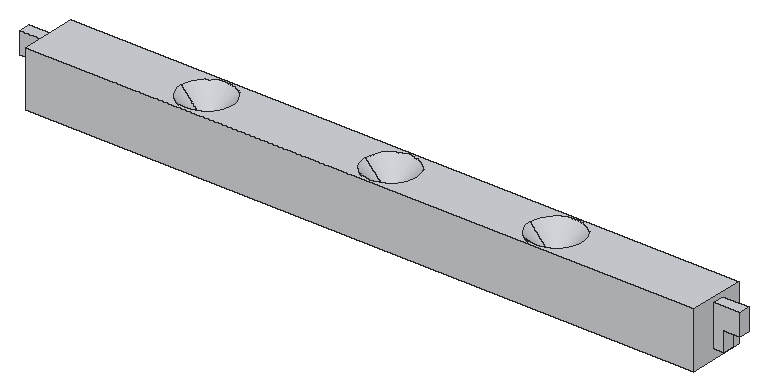
Revit family "五架梁", category 常规模型, Revit 2022
Family settings
  可将钢筋附着到主体 = 否
  圆形连接件大小 = 使用直径
  零件类型 = 标准
  基于工作平面 = 否
  总是垂直 = 是
  加载时剪切的空心 = 否
  保持注释方向 = 否
  共享 = 否
  房间计算点 = 否
Parameters
  默认高程 = 0 mm
  空心旋转高 [instance] = 127.713 mm
  空心旋转长 [instance] = 116.564 mm
  瓜柱直径 [instance] = 150 mm
  榫卯宽 [instance] = 50 mm
  五架梁高 [instance] = 250 mm
  五架梁长 [instance] = 2972 mm
Reference planes
  plane 1 "中心(前/后)": y = -2.272
  plane 2: z = 0
  plane 3 "中心(左/右)": y = 114.815
Forms (mm)
  Extrusion 1, solid
    sketch origin (-5.06, 116.876, 11.529) x (1, 0, 0) y (0, 0, 1)
      loop
        line (-1440.98, 2712.419) -> (-1553.98, 2712.419) -> (-1553.98, 2617.294) -> (-1493.98, 2617.294) -> (-1493.98, 2529.139) -> (-1440.98, 2529.139) -> (-1440.98, 2712.419)
    from 94.148 to 144.148
  Extrusion 2, solid
    sketch origin (0, 114.815, 0) x (1, 0, 0) y (0, 0, 1)
      loop
        line (-1446.041, 2743.987) -> (-1446.041, 2493.987) -> (1525.959, 2493.987) -> (1525.959, 2743.987) -> (-1446.041, 2743.987)
    from 0 to 250
  Extrusion 3, solid
    sketch origin (0, 114.815, 0) x (1, 0, 0) y (0, 0, 1)
      loop
        line (1525.804, 2724.725) -> (1525.804, 2540.841) -> (1576.417, 2540.841) -> (1576.417, 2626.396) -> (1643.338, 2626.396) -> (1643.338, 2724.725) -> (1525.804, 2724.725)
    from 92.087 to 142.087
  Revolve 4, void
    sketch origin (-3.996, -9.331, -140.718) x (1, 0, 0) y (0, 0, 1)
      loop
        line (-739.213, 2757.922) -> (-739.213, 2885.635) -> (-855.777, 2885.635) -> (-739.213, 2757.922)
      axis (-739.213, 2757.922) -> (-739.213, 2885.635)
    angle from 0 to 360
  Revolve 5, void
    sketch origin (-1.798, -9.221, 0) x (1, 0, 0) y (0, 0, 1)
      loop
        line (814.177, 2743.987) -> (814.177, 2616.274) -> (930.741, 2743.987) -> (814.177, 2743.987)
      axis (814.177, 2616.274) -> (814.177, 2743.987)
    angle from 0 to 360
  Revolve 6, void
    sketch origin (0, -10.455, 0) x (1, 0, 0) y (0, 0, 1)
      loop
        line (77.291, 2746.7) -> (77.291, 2618.987) -> (193.854, 2746.7) -> (77.291, 2746.7)
      axis (77.291, 2618.987) -> (77.291, 2746.7)
    angle from 0 to 360
Cuts and joins
  Revolve 4, Revolve 5, Revolve 6 cuts Extrusion 2
Lines and regions (mm)
  reference lines
    curve 1: line (1531.811, 114.815, 2743.987) -> (1531.811, 114.815, 2729.681)
    curve 7: line (-1440.189, 114.815, 2743.987) -> (2319.75, 114.815, 2743.987)
    curve 8: line (-1446.041, 114.815, 2493.987) -> (2344.754, 114.815, 2493.987)
    curve 9: line (-1446.041, 114.815, 2493.987) -> (-1446.041, 114.815, 2953.987)
    curve 10: line (1525.959, 114.815, 2493.987) -> (1525.959, 114.815, 2973.987)
  model lines
    curve 2: line (1643.338, 114.815, 2721.344) -> (1643.338, 114.815, 2724.725)
    curve 3: line (-1548.129, 114.815, 2721.171) -> (-1548.129, 114.815, 2723.948)
    curve 4: line (-1440.189, 114.815, 2743.987) -> (-875.189, 114.815, 2743.987)
    curve 5: line (-875.189, 114.815, 2743.987) -> (-765.189, 114.815, 2743.987)
    curve 6: line (-765.189, 114.815, 2743.987) -> (-655.189, 114.815, 2743.987)
Dimensions and locks
  "五架梁高": curve 7 to curve 8
  "五架梁长": curve 10 to curve 9
  Extrusion 3 to Extrusion 3 = 50 mm
  "榫卯宽": Extrusion 1 to Extrusion 1  (x2)
  "空心旋转高": Revolve 5 sketch curve to Revolve 5 sketch curve
  "空心旋转长": Revolve 5 sketch curve to Revolve 5 sketch curve
  "空心旋转长": Revolve 4 sketch curve to Revolve 4 sketch curve
  "空心旋转高": Revolve 4 sketch curve to Revolve 4 sketch curve
  "空心旋转长": Revolve 6 sketch curve to Revolve 6 sketch curve
  "空心旋转高": Revolve 6 sketch curve to Revolve 6 sketch curve
  "榫卯宽": Extrusion 3 to Extrusion 3
  aligned and locked: level to plane 2
  aligned and locked: Extrusion 2 to curve 7
  aligned and locked: Extrusion 2 to curve 8
  aligned and locked: Extrusion 2 to curve 9
  aligned and locked: Extrusion 2 to curve 10
Automatic sketch dimensions
  level to Extrusion 1 sketch curve = 2723.948 mm
  Extrusion 1 sketch curve to Extrusion 1 sketch curve = 60 mm
  Extrusion 1 sketch curve to Extrusion 1 sketch curve = 53 mm
  Extrusion 1 sketch curve to Extrusion 1 sketch curve = 95.125 mm
  Extrusion 1 sketch curve to Extrusion 1 sketch curve = 88.155 mm
  level to Extrusion 2 sketch curve = 2743.987 mm
  Extrusion 2 sketch curve to Extrusion 2 sketch curve = 2972 mm
  Extrusion 2 sketch curve to Extrusion 2 sketch curve = 250 mm
  level to Extrusion 3 sketch curve = 2626.396 mm
  Extrusion 3 sketch curve to Extrusion 3 sketch curve = 66.921 mm
  Extrusion 3 sketch curve to Extrusion 3 sketch curve = 85.555 mm
  Extrusion 3 sketch curve to Extrusion 3 sketch curve = 98.329 mm
  Extrusion 3 sketch curve to Extrusion 3 sketch curve = 50.612 mm
  level to curve 4 = 2743.987 mm
  curve 4 to curve 5 = 110 mm
  curve 4 to curve 4 = 565 mm
  curve 3 to curve 4 = 107.94 mm
  curve 5 to curve 6 = 110 mm
  curve 2 to curve 6 = 19.262 mm
  curve 3 to curve 4 = 20.039 mm
  curve 2 to curve 2 = 3.381 mm
  curve 3 to curve 3 = 2.777 mm
  curve 6 to curve 2 = 2298.527 mm
  level to curve 8 = 2493.987 mm
  curve 9 to curve 7 = 5.852 mm
  curve 10 to curve 1 = 5.852 mm
  curve 1 to curve 7 = 787.94 mm
  curve 7 to curve 8 = 25.003 mm
  curve 1 to curve 1 = 14.306 mm
  curve 7 to curve 9 = 210 mm
  curve 1 to curve 10 = 230 mm
  level to Revolve 4 sketch curve = 2744.917 mm
  Revolve 4 sketch curve to Revolve 4 sketch curve = 0 mm
  Revolve 4 sketch curve to Revolve 4 sketch curve = 123.73 mm
  Revolve 4 sketch curve to Revolve 4 sketch curve = 20 mm
  level to Revolve 5 sketch curve = 2743.987 mm
  Revolve 5 sketch curve to Revolve 5 sketch curve = 0 mm  (x2)
  Revolve 5 sketch curve to Revolve 5 sketch curve = 30 mm
  level to Revolve 6 sketch curve = 2746.7 mm
  Revolve 6 sketch curve to Revolve 6 sketch curve = 0 mm  (x2)
  Revolve 6 sketch curve to Revolve 6 sketch curve = 67.094 mm
